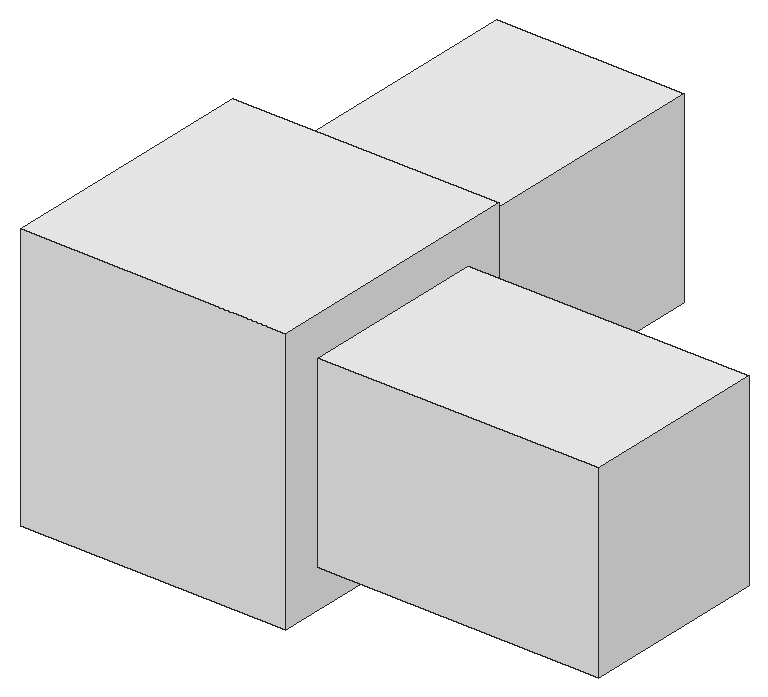
Revit family "Zumtobel TECTON-V-MS", category Lighting Fixtures, Revit 2016
Family settings
  Part Type = Normal
  Round Connector Dimension = Use Diameter
  OmniClass Number = 23.80.70.11
  OmniClass Title = Luminaries for Internal Lighting
  Work Plane-Based = No
  Always vertical = Yes
  Cut with Voids When Loaded = No
  Light Source = No
  Shared = No
  Room Calculation Point = No
Parameters (values of type "TECTON T-VL1 WH")
  Width = 85.00 mm  # constant formula
  URL = "http://www.zumtobel.com/22157273"
  Type Comments = "© Zumtobel. We reserve the right to make technical changes without prior notice."  # constant formula
  Model = "22157273"
  Manufacturer = "Zumtobel Lighting"  # constant formula
  Length = 85.00 mm  # constant formula
  Lamp = ""
  L3 90mm = no
  L2 = 90.00 mm
  L1 = 90.00 mm
  L3 320mm = no
  Height = 85.00 mm  # constant formula
  Description = "Tecton Connector"  # constant formula
  Body = ZG_Metal_White
  Assembly Code = "D5020210"
  Apparent Load = 0 VA
Types (8, lengths in mm): name | URL | Model | L3 90mm | L2 | L1 | L3 320mm
  TECTON T-VL1 WH | "http://www.zumtobel.com/22157273" | "22157273" | no | 90.00 | 90.00 | no
  TECTON T-VT4 WH | "http://www.zumtobel.com/22157280" | "22157280" | no | 90.00 | 90.00 | yes
  TECTON T-VT3 WH | "http://www.zumtobel.com/22157279" | "22157279" | no | 320.00 | 90.00 | yes
  TECTON T-VT2 WH | "http://www.zumtobel.com/22157278" | "22157278" | yes | 90.00 | 320.00 | no
  TECTON T-VT1 WH | "http://www.zumtobel.com/22157277" | "22157277" | yes | 320.00 | 320.00 | no
  TECTON T-VL4 WH | "http://www.zumtobel.com/22157276" | "22157276" | no | 320.00 | 320.00 | no
  TECTON T-VL3 WH | "http://www.zumtobel.com/22157275" | "22157275" | no | 90.00 | 320.00 | no
  TECTON T-VL2 WH | "http://www.zumtobel.com/22157274" | "22157274" | no | 320.00 | 90.00 | no
Reference planes
  plane 1 "Center (Elevation)": z = 0
  plane 2 "Electrical Connection": z = 15
  plane 3 "Center (Front/Back)": y = -155
  plane 4 "Center (Left/Right)": x = -200
  plane 5: z = 1090
  plane 6: x = -67.5
  plane 7: y = -22.5
  plane 8: y = -112.5
  plane 9: x = -157.5
  plane 10: x = -332.5
  plane 11: x = -242.5
  plane 12: y = -197.5
  plane 13: x = -562.5
Forms (mm)
  Extrusion 1, solid, material "ZG_Metal_White" <- "Body"
    sketch origin (0, 0, 0) x (1, 0, 0) y (0, 1, 0)
      loop
        line (-242.5, -197.5) -> (-157.5, -197.5) -> (-157.5, -112.5) -> (-242.5, -112.5) -> (-242.5, -197.5)
    from 42.5 to -42.5
  Extrusion 2, solid, material "ZG_Metal_White" <- "Body"
    sketch origin (0, 0, 0) x (1, 0, 0) y (0, 1, 0)
      loop
        line (-157.5, -125) -> (-157.5, -185) -> (-67.5, -185) -> (-67.5, -125) -> (-157.5, -125)
    from 30 to -30
  Extrusion 3, solid, material "ZG_Metal_White" <- "Body"
    sketch origin (-355, 45, 0) x (0, 1, 0) y (-1, 0, 0)
      loop
        line (-157.5, -125) -> (-157.5, -185) -> (-67.5, -185) -> (-67.5, -125) -> (-157.5, -125)
    from 30 to -30
  Extrusion 4, solid, material "ZG_Metal_White" <- "Body", visible <- "L3 90mm"
    sketch origin (0, 0, 0) x (1, 0, 0) y (0, 1, 0)
      loop
        line (-242.5, -125) -> (-332.5, -125) -> (-332.5, -185) -> (-242.5, -185) -> (-242.5, -125)
    from 30 to -30
  Extrusion 5, solid, material "ZG_Metal_White" <- "Body", visible <- "L3 320mm"
    sketch origin (0, 0, 0) x (1, 0, 0) y (0, 1, 0)
      loop
        line (-242.5, -125) -> (-562.5, -125) -> (-562.5, -185) -> (-242.5, -185) -> (-242.5, -125)
    from 30 to -30
Dimensions and locks
  "L2": plane 7 to plane 8
  "L1": plane 9 to plane 6
  plane 11 to plane 4 "Center (Left/Right)" to plane 9 = 42.50 mm locked, 42.50 mm locked
  plane 12 to plane 3 "Center (Front/Back)" to plane 8 = 42.50 mm locked, 42.50 mm locked
  plane 10 to plane 11 = 90.00 mm
  plane 13 to plane 11 = 320.00 mm
  aligned and locked: Extrusion 3 sketch curve to plane 7
  aligned and locked: Extrusion 3 sketch curve to plane 8
  aligned and locked: Extrusion 2 sketch curve to plane 9
  aligned and locked: Extrusion 2 sketch curve to plane 6
Automatic sketch dimensions
  Extrusion 1 sketch curve to plane 8 = 0.00 mm
  Extrusion 1 sketch curve to plane 11 = 0.00 mm
  Extrusion 1 sketch curve to plane 9 = 0.00 mm
  plane 12 to Extrusion 1 sketch curve = 0.00 mm
  Extrusion 2 sketch curve to plane 12 = 12.50 mm
  Extrusion 2 sketch curve to plane 8 = 12.50 mm
  Extrusion 3 sketch curve to plane 9 = 12.50 mm
  Extrusion 3 sketch curve to plane 11 = 12.50 mm
  Extrusion 4 sketch curve to plane 11 = 0.00 mm
  Extrusion 4 sketch curve to Extrusion 4 sketch curve = 90.00 mm
  Extrusion 4 sketch curve to plane 12 = 12.50 mm
  Extrusion 4 sketch curve to plane 8 = 12.50 mm
  Extrusion 5 sketch curve to plane 11 = 0.00 mm
  Extrusion 5 sketch curve to Extrusion 5 sketch curve = 320.00 mm
  Extrusion 5 sketch curve to plane 12 = 12.50 mm
  Extrusion 5 sketch curve to plane 8 = 12.50 mm
